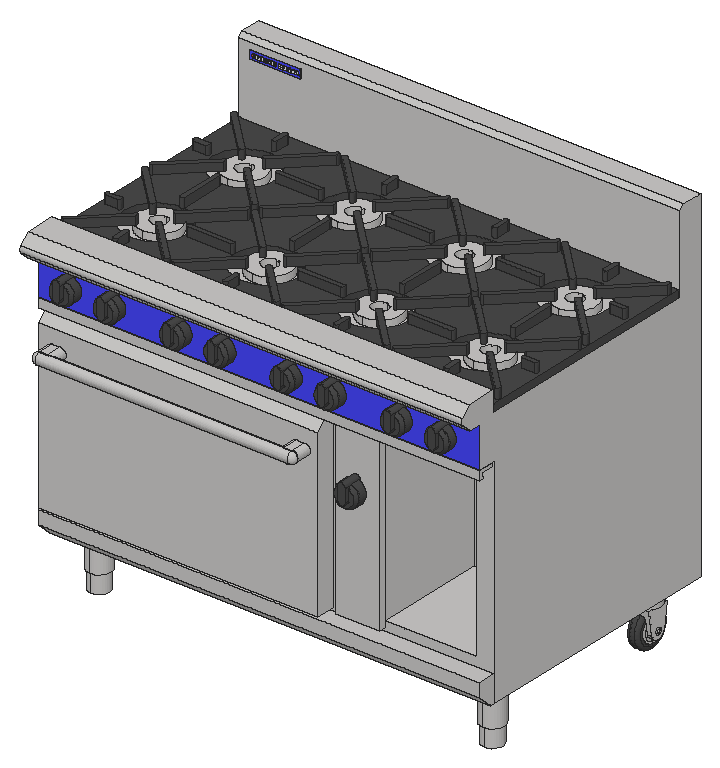
Revit family "QF_MOFFAT_BLUESEAL_CE_GE58D", category Specialty Equipment, Revit 2012
Parameters
  Width = 1200 mm
  Weight in Pounds = 485
  Watts = 6600 W
  Volts = 400 V
  URL Cutsheet = "www.moffat.com"
  URL = "www.moffat.com"
  Type Mark [instance] = ""
  Status [instance] = ""
  Specification by User [instance] = ""
  Specification by Manufacturer = ""
  Show Logo [instance] = yes
  Show Clearance [instance] = yes
  Show Casters [instance] = yes
  Serial Number = ""
  Seismic Rating = ""
  SMACNA No = ""
  Revision Code [instance] = ""
  Phase = 3
  Omniclass Number and Title = ""
  Number of Poles [instance] = 1
  NAFEM Spec ID Number = ""
  Model = "GE58D"
  Min Ckt Ampacity = 0 A
  Mechanical Remarks = ""
  Mechanical Connection Type [instance] = ""
  Max Overcurrent Protection = 0 A
  Masterspec = ""
  Manufacturer = "MOFFAT BLUESEAL"
  Legs [instance] = not(Show Casters)  # no
  Item Number [instance] = ""
  Installed By [instance] = ""
  Identify Quantity as Lot [instance] = yes
  Height = 970 mm
  HP = ""
  Gas Size = 3/4"
  Gas RI Height [instance] = 0 mm
  Gas KW [instance] = 56
  Gas Input [instance] = 192500.0 Btu/h
  Gas Connection Height = 0 mm
  Furnished By [instance] = ""
  Foodservice Equipment Identifier [instance] = yes
  FL Amps = 9.4 A
  Electrical Remarks = "9.4A PER PHASE"
  Electric Connection Type = ""
  Elec Conn RI Height = 0 mm
  Elec Conn Connection Height = 0 mm
  Description = "1200MM GAS RANGE WITH ELECTRIC CONVECTION OVEN"
  Depth = 812 mm
  Cycle = 50 Hz
  Conn Plug = ""
  Conn Conduit = yes
  CSI MasterFormat = ""
  CSI Master Format = ""
  Body Finish = QF_Finishes_Stainless Steel
  Apparent Power = 0 VA
Reference planes
  plane 1 "BACK": y = 0
  plane 2: z = 0
  plane 3 "LEFT": x = 0
  plane 4 "RIGHT": x = 1200
  plane 5 "FRONT": y = -812
  plane 6 "TOP": z = 970
  plane 7 "Center Y": x = 600
  plane 8 "Center X": y = -406
  plane 9: x = 280
  plane 10: y = -574.272
  plane 11: x = 60
  plane 12: y = -304.972
  plane 13: y = -364.972
  plane 14: x = 74
  plane 15: y = -812
  plane 16: x = 1134.5
  plane 17: y = -32
  plane 18: z = 655
  plane 19: x = 65.5
  plane 20: x = 65.8
  plane 21: z = 1085
  plane 22: y = -705
  plane 23: y = -100
Forms (mm)
  Extrusion 1, solid, material "QF_Finishes_Stainless Steel" <- "Body Finish"
    sketch origin (0, 0, 0) x (0, 1, 0) y (0, 0, 1)
      loop
        line (0, 150) -> (0, 1085) -> (-57.5, 1085) -> (-70, 1072.5) -> (-70, 861.8) -> (-705, 861.8) -> (-705, 915) -> (-783.97, 915) -> (-808.49, 890.48)
        arc (-808.49, 890.48) -> (-812.002, 882) -> (-808.49, 873.52) r 11.993
        line (-808.49, 873.52) -> (-784.97, 850) -> (-749, 850) -> (-749, 740) -> (-699, 740) -> (-699, 150) -> (0, 150)
      loop
        line (-749, 222.5) -> (-749, 186) -> (-713, 150) -> (-703.2, 150) -> (-703.2, 222.5) -> (-749, 222.5)
      loop
        line (-749, 713.781) -> (-740.224, 713.781) -> (-742.613, 730.781) -> (-707.93, 730.781) -> (-707.93, 737.784) -> (-749, 737.784) -> (-749, 713.781)
    from 0 to 1200
  Extrusion 2, solid, material "QF_Finishes_Stainless Steel"
    sketch origin (0, 7, 0) x (0, 1, 0) y (0, 0, 1)
      loop
        line (-706, 700) -> (-732, 700) -> (-756, 676) -> (-756, 227.5) -> (-706, 227.5) -> (-706, 700)
    from 0 to 760
  Extrusion 3, solid, material "QF_Finishes_Stainless Steel"
    sketch origin (723.5, 7, 0) x (0, 1, 0) y (0, 0, 1)
      loop
        line (-706, 700) -> (-721, 700) -> (-721, 227.5) -> (-706, 227.5) -> (-706, 700)
    from 56.898 to 176.5
  Revolve 4, solid, material "QF_Finishes_Stainless Steel" <- "Body Finish"
    sketch origin (1134.5, -696.126, 0) x (0, 1, 0) y (0, 0, -1)
      loop
        line (39.376, -150) -> (71.126, -150) -> (71.126, 0) -> (43.626, 0) -> (43.626, -50) -> (39.376, -50) -> (39.376, -150)
      axis (71.126, -150) -> (71.126, 0)
    angle from 0 to 360
  Revolve 5, solid, material "QF_Finishes_Stainless Steel" <- "Body Finish"
    sketch origin (65.5, -696.126, 0) x (0, 1, 0) y (0, 0, 1)
      loop
        line (39.376, 150) -> (39.376, 50) -> (43.626, 50) -> (43.626, 0) -> (71.126, 0) -> (71.126, 150) -> (39.376, 150)
      axis (71.126, 150) -> (71.126, 0)
    angle from 0 to 360
  Extrusion 6, solid, material "QF_Finishes_Stainless Steel"
    sketch origin (-64.5, 0, 325) x (1, 0, 0) y (0, 1, 0)
      loop
        circle (1134.5, -32) r 10
    from 330 to 374.856
  Extrusion 7, void
    sketch origin (0, -699, 150) x (0, 0, -1) y (-1, 0, 0)
      loop
        line (-529.781, -900) -> (-529.781, -1150) -> (-96, -1150) -> (-96, -900) -> (-529.781, -900)
    from 0 to 304.8
  Extrusion 8, solid, material "QF_Finishes_Black"
    sketch origin (0, -70, 861.8) x (0, -1, 0) y (1, 0, 0)
      loop
        arc (1, 4) -> (1.879, 1.879) -> (4, 1) r 3
        line (4, 1) -> (632, 1)
        arc (632, 1) -> (634.121, 1.879) -> (635, 4) r 3
        line (635, 4) -> (635, 1197)
        arc (635, 1197) -> (634.121, 1199.121) -> (632, 1200) r 3
        line (632, 1200) -> (4, 1200)
        arc (4, 1200) -> (1.879, 1199.121) -> (1, 1197) r 3
        line (1, 1197) -> (1, 4)
      loop
        circle (167.5, 150) r 85
      loop
        circle (167.5, 450) r 85
      loop
        circle (467.768, 150) r 85
      loop
        circle (467.768, 450) r 85
      loop
        circle (167.5, 750) r 85
      loop
        circle (467.768, 750) r 85
      loop
        circle (167.5, 1050) r 85
      loop
        circle (467.768, 1050) r 85
    from 0 to 19.5
  Extrusion 9, solid, material "QF_Finishes_Black"
    sketch origin (0, -70, 881.3) x (0, -1, 0) y (1, 0, 0)
      loop
        spline (327.102, 15.153) -> (326.181, 13.924) -> (325.631, 12.47) -> (325.49, 10.89) -> (325.767, 9.292) -> (326.443, 7.786) -> (327.473, 6.473) -> (328.786, 5.443) -> (330.292, 4.767) -> (331.89, 4.49) -> (333.47, 4.631) -> (334.924, 5.181) -> (336.153, 6.102)
        line (336.153, 6.102) -> (444.076, 114.025)
        spline (444.076, 114.025) -> (444.837, 115.095) -> (445.238, 116.399) -> (445.251, 117.851) -> (444.875, 119.35) -> (444.137, 120.795) -> (443.086, 122.086) -> (441.795, 123.137) -> (440.35, 123.875) -> (438.851, 124.251) -> (437.399, 124.238) -> (436.095, 123.837) -> (435.025, 123.076)
        line (435.025, 123.076) -> (327.102, 15.153)
      loop
        line (611.398, 15.153) -> (503.475, 123.076)
        spline (503.475, 123.076) -> (502.405, 123.837) -> (501.101, 124.238) -> (499.649, 124.251) -> (498.15, 123.875) -> (496.705, 123.137) -> (495.414, 122.086) -> (494.363, 120.795) -> (493.625, 119.35) -> (493.249, 117.851) -> (493.262, 116.399) -> (493.663, 115.095) -> (494.424, 114.025)
        line (494.424, 114.025) -> (602.347, 6.102)
        spline (602.347, 6.102) -> (603.416, 5.341) -> (604.721, 4.941) -> (606.172, 4.928) -> (607.671, 5.303) -> (609.116, 6.041) -> (610.408, 7.092) -> (611.459, 8.384) -> (612.197, 9.829) -> (612.572, 11.328) -> (612.559, 12.779) -> (612.159, 14.084) -> (611.398, 15.153)
      loop
        spline (379.102, 143.6) -> (380.396, 143.818) -> (381.602, 144.457) -> (382.638, 145.475) -> (383.432, 146.8) -> (383.932, 148.344) -> (384.102, 150) -> (383.932, 151.656) -> (383.432, 153.2) -> (382.638, 154.525) -> (381.602, 155.543) -> (380.396, 156.182) -> (379.102, 156.4)
        line (379.102, 156.4) -> (259.398, 156.4)
        spline (259.398, 156.4) -> (258.104, 156.182) -> (256.898, 155.543) -> (255.862, 154.525) -> (255.068, 153.2) -> (254.568, 151.656) -> (254.398, 150) -> (254.568, 148.344) -> (255.068, 146.8) -> (255.862, 145.475) -> (256.898, 144.457) -> (258.104, 143.818) -> (259.398, 143.6)
        line (259.398, 143.6) -> (379.102, 143.6)
      loop
        spline (23.602, 15.153) -> (22.681, 13.924) -> (22.131, 12.47) -> (21.99, 10.89) -> (22.267, 9.292) -> (22.943, 7.786) -> (23.973, 6.473) -> (25.286, 5.443) -> (26.792, 4.767) -> (28.39, 4.49) -> (29.97, 4.631) -> (31.424, 5.181) -> (32.653, 6.102)
        line (32.653, 6.102) -> (140.576, 114.025)
        spline (140.576, 114.025) -> (141.337, 115.095) -> (141.738, 116.399) -> (141.751, 117.851) -> (141.375, 119.35) -> (140.637, 120.795) -> (139.586, 122.086) -> (138.295, 123.137) -> (136.85, 123.875) -> (135.351, 124.251) -> (133.899, 124.238) -> (132.595, 123.837) -> (131.525, 123.076)
        line (131.525, 123.076) -> (23.602, 15.153)
      loop
        line (311.398, 15.153) -> (203.475, 123.076)
        spline (203.475, 123.076) -> (202.405, 123.837) -> (201.101, 124.238) -> (199.649, 124.251) -> (198.15, 123.875) -> (196.705, 123.137) -> (195.414, 122.086) -> (194.363, 120.795) -> (193.625, 119.35) -> (193.249, 117.851) -> (193.262, 116.399) -> (193.663, 115.095) -> (194.424, 114.025)
        line (194.424, 114.025) -> (302.347, 6.102)
        spline (302.347, 6.102) -> (303.416, 5.341) -> (304.721, 4.941) -> (306.172, 4.928) -> (307.671, 5.303) -> (309.116, 6.041) -> (310.408, 7.092) -> (311.459, 8.384) -> (312.197, 9.829) -> (312.572, 11.328) -> (312.559, 12.779) -> (312.159, 14.084) -> (311.398, 15.153)
      loop
        line (327.102, 284.847) -> (435.025, 176.924)
        spline (435.025, 176.924) -> (436.095, 176.163) -> (437.399, 175.762) -> (438.851, 175.749) -> (440.35, 176.125) -> (441.795, 176.863) -> (443.086, 177.914) -> (444.137, 179.205) -> (444.875, 180.65) -> (445.251, 182.149) -> (445.238, 183.601) -> (444.837, 184.905) -> (444.076, 185.975)
        line (444.076, 185.975) -> (336.153, 293.898)
        spline (336.153, 293.898) -> (334.924, 294.819) -> (333.47, 295.369) -> (331.89, 295.51) -> (330.292, 295.233) -> (328.786, 294.557) -> (327.473, 293.527) -> (326.443, 292.214) -> (325.767, 290.708) -> (325.49, 289.11) -> (325.631, 287.53) -> (326.181, 286.076) -> (327.102, 284.847)
      loop
        spline (611.398, 284.847) -> (612.159, 285.916) -> (612.559, 287.221) -> (612.572, 288.672) -> (612.197, 290.171) -> (611.459, 291.616) -> (610.408, 292.908) -> (609.116, 293.959) -> (607.671, 294.697) -> (606.172, 295.072) -> (604.721, 295.059) -> (603.416, 294.659) -> (602.347, 293.898)
        line (602.347, 293.898) -> (494.424, 185.975)
        spline (494.424, 185.975) -> (493.663, 184.905) -> (493.262, 183.601) -> (493.249, 182.149) -> (493.625, 180.65) -> (494.363, 179.205) -> (495.414, 177.914) -> (496.705, 176.863) -> (498.15, 176.125) -> (499.649, 175.749) -> (501.101, 175.762) -> (502.405, 176.163) -> (503.475, 176.924)
        line (503.475, 176.924) -> (611.398, 284.847)
      loop
        spline (461.1, 241.898) -> (461.318, 240.604) -> (461.957, 239.398) -> (462.975, 238.362) -> (464.3, 237.568) -> (465.844, 237.068) -> (467.5, 236.898) -> (469.156, 237.068) -> (470.7, 237.568) -> (472.025, 238.362) -> (473.043, 239.398) -> (473.682, 240.604) -> (473.9, 241.898)
        line (473.9, 241.898) -> (473.9, 358.102)
        spline (473.9, 358.102) -> (473.682, 359.396) -> (473.043, 360.602) -> (472.025, 361.638) -> (470.7, 362.432) -> (469.156, 362.932) -> (467.5, 363.102) -> (465.844, 362.932) -> (464.3, 362.432) -> (462.975, 361.638) -> (461.957, 360.602) -> (461.318, 359.396) -> (461.1, 358.102)
        line (461.1, 358.102) -> (461.1, 241.898)
      loop
        line (23.602, 284.847) -> (131.525, 176.924)
        spline (131.525, 176.924) -> (132.595, 176.163) -> (133.899, 175.762) -> (135.351, 175.749) -> (136.85, 176.125) -> (138.295, 176.863) -> (139.586, 177.914) -> (140.637, 179.205) -> (141.375, 180.65) -> (141.751, 182.149) -> (141.738, 183.601) -> (141.337, 184.905) -> (140.576, 185.975)
        line (140.576, 185.975) -> (32.653, 293.898)
        spline (32.653, 293.898) -> (31.424, 294.819) -> (29.97, 295.369) -> (28.39, 295.51) -> (26.792, 295.233) -> (25.286, 294.557) -> (23.973, 293.527) -> (22.943, 292.214) -> (22.267, 290.708) -> (21.99, 289.11) -> (22.131, 287.53) -> (22.681, 286.076) -> (23.602, 284.847)
      loop
        spline (311.398, 284.847) -> (312.159, 285.916) -> (312.559, 287.221) -> (312.572, 288.672) -> (312.197, 290.171) -> (311.459, 291.616) -> (310.408, 292.908) -> (309.116, 293.959) -> (307.671, 294.697) -> (306.172, 295.072) -> (304.721, 295.059) -> (303.416, 294.659) -> (302.347, 293.898)
        line (302.347, 293.898) -> (194.424, 185.975)
        spline (194.424, 185.975) -> (193.663, 184.905) -> (193.262, 183.601) -> (193.249, 182.149) -> (193.625, 180.65) -> (194.363, 179.205) -> (195.414, 177.914) -> (196.705, 176.863) -> (198.15, 176.125) -> (199.649, 175.749) -> (201.101, 175.762) -> (202.405, 176.163) -> (203.475, 176.924)
        line (203.475, 176.924) -> (311.398, 284.847)
      loop
        spline (161.1, 241.898) -> (161.318, 240.604) -> (161.957, 239.398) -> (162.975, 238.362) -> (164.3, 237.568) -> (165.844, 237.068) -> (167.5, 236.898) -> (169.156, 237.068) -> (170.7, 237.568) -> (172.025, 238.362) -> (173.043, 239.398) -> (173.682, 240.604) -> (173.9, 241.898)
        line (173.9, 241.898) -> (173.9, 358.102)
        spline (173.9, 358.102) -> (173.682, 359.396) -> (173.043, 360.602) -> (172.025, 361.638) -> (170.7, 362.432) -> (169.156, 362.932) -> (167.5, 363.102) -> (165.844, 362.932) -> (164.3, 362.432) -> (162.975, 361.638) -> (161.957, 360.602) -> (161.318, 359.396) -> (161.1, 358.102)
        line (161.1, 358.102) -> (161.1, 241.898)
      loop
        line (379.102, 456.4) -> (259.398, 456.4)
        spline (259.398, 456.4) -> (258.104, 456.182) -> (256.898, 455.543) -> (255.862, 454.525) -> (255.068, 453.2) -> (254.568, 451.656) -> (254.398, 450) -> (254.568, 448.344) -> (255.068, 446.8) -> (255.862, 445.475) -> (256.898, 444.457) -> (258.104, 443.818) -> (259.398, 443.6)
        line (259.398, 443.6) -> (379.102, 443.6)
        spline (379.102, 443.6) -> (380.396, 443.818) -> (381.602, 444.457) -> (382.638, 445.475) -> (383.432, 446.8) -> (383.932, 448.344) -> (384.102, 450) -> (383.932, 451.656) -> (383.432, 453.2) -> (382.638, 454.525) -> (381.602, 455.543) -> (380.396, 456.182) -> (379.102, 456.4)
      loop
        spline (327.102, 315.153) -> (326.181, 313.924) -> (325.631, 312.47) -> (325.49, 310.89) -> (325.767, 309.292) -> (326.443, 307.786) -> (327.473, 306.473) -> (328.786, 305.443) -> (330.292, 304.767) -> (331.89, 304.49) -> (333.47, 304.631) -> (334.924, 305.181) -> (336.153, 306.102)
        line (336.153, 306.102) -> (444.076, 414.025)
        spline (444.076, 414.025) -> (444.837, 415.095) -> (445.238, 416.399) -> (445.251, 417.851) -> (444.875, 419.35) -> (444.137, 420.795) -> (443.086, 422.086) -> (441.795, 423.137) -> (440.35, 423.875) -> (438.851, 424.251) -> (437.399, 424.238) -> (436.095, 423.837) -> (435.025, 423.076)
        line (435.025, 423.076) -> (327.102, 315.153)
      loop
        line (611.398, 315.153) -> (503.475, 423.076)
        spline (503.475, 423.076) -> (502.405, 423.837) -> (501.101, 424.238) -> (499.649, 424.251) -> (498.15, 423.875) -> (496.705, 423.137) -> (495.414, 422.086) -> (494.363, 420.795) -> (493.625, 419.35) -> (493.249, 417.851) -> (493.262, 416.399) -> (493.663, 415.095) -> (494.424, 414.025)
        line (494.424, 414.025) -> (602.347, 306.102)
        spline (602.347, 306.102) -> (603.416, 305.341) -> (604.721, 304.941) -> (606.172, 304.928) -> (607.671, 305.303) -> (609.116, 306.041) -> (610.408, 307.092) -> (611.459, 308.384) -> (612.197, 309.829) -> (612.572, 311.328) -> (612.559, 312.779) -> (612.159, 314.084) -> (611.398, 315.153)
      loop
        spline (23.602, 315.153) -> (22.681, 313.924) -> (22.131, 312.47) -> (21.99, 310.89) -> (22.267, 309.292) -> (22.943, 307.786) -> (23.973, 306.473) -> (25.286, 305.443) -> (26.792, 304.767) -> (28.39, 304.49) -> (29.97, 304.631) -> (31.424, 305.181) -> (32.653, 306.102)
        line (32.653, 306.102) -> (140.576, 414.025)
        spline (140.576, 414.025) -> (141.337, 415.095) -> (141.738, 416.399) -> (141.751, 417.851) -> (141.375, 419.35) -> (140.637, 420.795) -> (139.586, 422.086) -> (138.295, 423.137) -> (136.85, 423.875) -> (135.351, 424.251) -> (133.899, 424.238) -> (132.595, 423.837) -> (131.525, 423.076)
        line (131.525, 423.076) -> (23.602, 315.153)
      loop
        line (311.398, 315.153) -> (203.475, 423.076)
        spline (203.475, 423.076) -> (202.405, 423.837) -> (201.101, 424.238) -> (199.649, 424.251) -> (198.15, 423.875) -> (196.705, 423.137) -> (195.414, 422.086) -> (194.363, 420.795) -> (193.625, 419.35) -> (193.249, 417.851) -> (193.262, 416.399) -> (193.663, 415.095) -> (194.424, 414.025)
        line (194.424, 414.025) -> (302.347, 306.102)
        spline (302.347, 306.102) -> (303.416, 305.341) -> (304.721, 304.941) -> (306.172, 304.928) -> (307.671, 305.303) -> (309.116, 306.041) -> (310.408, 307.092) -> (311.459, 308.384) -> (312.197, 309.829) -> (312.572, 311.328) -> (312.559, 312.779) -> (312.159, 314.084) -> (311.398, 315.153)
      loop
        line (327.102, 584.847) -> (435.025, 476.924)
        spline (435.025, 476.924) -> (436.095, 476.163) -> (437.399, 475.762) -> (438.851, 475.749) -> (440.35, 476.125) -> (441.795, 476.863) -> (443.086, 477.914) -> (444.137, 479.205) -> (444.875, 480.65) -> (445.251, 482.149) -> (445.238, 483.601) -> (444.837, 484.905) -> (444.076, 485.975)
        line (444.076, 485.975) -> (336.153, 593.898)
        spline (336.153, 593.898) -> (334.924, 594.819) -> (333.47, 595.369) -> (331.89, 595.51) -> (330.292, 595.233) -> (328.786, 594.557) -> (327.473, 593.527) -> (326.443, 592.214) -> (325.767, 590.708) -> (325.49, 589.11) -> (325.631, 587.53) -> (326.181, 586.076) -> (327.102, 584.847)
      loop
        spline (611.398, 584.847) -> (612.159, 585.916) -> (612.559, 587.221) -> (612.572, 588.672) -> (612.197, 590.171) -> (611.459, 591.616) -> (610.408, 592.908) -> (609.116, 593.959) -> (607.671, 594.697) -> (606.172, 595.072) -> (604.721, 595.059) -> (603.416, 594.659) -> (602.347, 593.898)
        line (602.347, 593.898) -> (494.424, 485.975)
        spline (494.424, 485.975) -> (493.663, 484.905) -> (493.262, 483.601) -> (493.249, 482.149) -> (493.625, 480.65) -> (494.363, 479.205) -> (495.414, 477.914) -> (496.705, 476.863) -> (498.15, 476.125) -> (499.649, 475.749) -> (501.101, 475.762) -> (502.405, 476.163) -> (503.475, 476.924)
        line (503.475, 476.924) -> (611.398, 584.847)
      loop
        line (23.602, 584.847) -> (131.525, 476.924)
        spline (131.525, 476.924) -> (132.595, 476.163) -> (133.899, 475.762) -> (135.351, 475.749) -> (136.85, 476.125) -> (138.295, 476.863) -> (139.586, 477.914) -> (140.637, 479.205) -> (141.375, 480.65) -> (141.751, 482.149) -> (141.738, 483.601) -> (141.337, 484.905) -> (140.576, 485.975)
        line (140.576, 485.975) -> (32.653, 593.898)
        spline (32.653, 593.898) -> (31.424, 594.819) -> (29.97, 595.369) -> (28.39, 595.51) -> (26.792, 595.233) -> (25.286, 594.557) -> (23.973, 593.527) -> (22.943, 592.214) -> (22.267, 590.708) -> (21.99, 589.11) -> (22.131, 587.53) -> (22.681, 586.076) -> (23.602, 584.847)
      loop
        spline (311.398, 584.847) -> (312.159, 585.916) -> (312.559, 587.221) -> (312.572, 588.672) -> (312.197, 590.171) -> (311.459, 591.616) -> (310.408, 592.908) -> (309.116, 593.959) -> (307.671, 594.697) -> (306.172, 595.072) -> (304.721, 595.059) -> (303.416, 594.659) -> (302.347, 593.898)
        line (302.347, 593.898) -> (194.424, 485.975)
        spline (194.424, 485.975) -> (193.663, 484.905) -> (193.262, 483.601) -> (193.249, 482.149) -> (193.625, 480.65) -> (194.363, 479.205) -> (195.414, 477.914) -> (196.705, 476.863) -> (198.15, 476.125) -> (199.649, 475.749) -> (201.101, 475.762) -> (202.405, 476.163) -> (203.475, 476.924)
        line (203.475, 476.924) -> (311.398, 584.847)
      loop
        spline (461.1, 541.898) -> (461.318, 540.604) -> (461.957, 539.398) -> (462.975, 538.362) -> (464.3, 537.568) -> (465.844, 537.068) -> (467.5, 536.898) -> (469.156, 537.068) -> (470.7, 537.568) -> (472.025, 538.362) -> (473.043, 539.398) -> (473.682, 540.604) -> (473.9, 541.898)
        line (473.9, 541.898) -> (473.9, 658.102)
        spline (473.9, 658.102) -> (473.682, 659.396) -> (473.043, 660.602) -> (472.025, 661.638) -> (470.7, 662.432) -> (469.156, 662.932) -> (467.5, 663.102) -> (465.844, 662.932) -> (464.3, 662.432) -> (462.975, 661.638) -> (461.957, 660.602) -> (461.318, 659.396) -> (461.1, 658.102)
        line (461.1, 658.102) -> (461.1, 541.898)
      loop
        spline (161.1, 541.898) -> (161.318, 540.604) -> (161.957, 539.398) -> (162.975, 538.362) -> (164.3, 537.568) -> (165.844, 537.068) -> (167.5, 536.898) -> (169.156, 537.068) -> (170.7, 537.568) -> (172.025, 538.362) -> (173.043, 539.398) -> (173.682, 540.604) -> (173.9, 541.898)
        line (173.9, 541.898) -> (173.9, 658.102)
        spline (173.9, 658.102) -> (173.682, 659.396) -> (173.043, 660.602) -> (172.025, 661.638) -> (170.7, 662.432) -> (169.156, 662.932) -> (167.5, 663.102) -> (165.844, 662.932) -> (164.3, 662.432) -> (162.975, 661.638) -> (161.957, 660.602) -> (161.318, 659.396) -> (161.1, 658.102)
        line (161.1, 658.102) -> (161.1, 541.898)
      loop
        line (379.102, 756.4) -> (259.398, 756.4)
        spline (259.398, 756.4) -> (258.104, 756.182) -> (256.898, 755.543) -> (255.862, 754.525) -> (255.068, 753.2) -> (254.568, 751.656) -> (254.398, 750) -> (254.568, 748.344) -> (255.068, 746.8) -> (255.862, 745.475) -> (256.898, 744.457) -> (258.104, 743.818) -> (259.398, 743.6)
        line (259.398, 743.6) -> (379.102, 743.6)
        spline (379.102, 743.6) -> (380.396, 743.818) -> (381.602, 744.457) -> (382.638, 745.475) -> (383.432, 746.8) -> (383.932, 748.344) -> (384.102, 750) -> (383.932, 751.656) -> (383.432, 753.2) -> (382.638, 754.525) -> (381.602, 755.543) -> (380.396, 756.182) -> (379.102, 756.4)
      loop
        spline (327.102, 615.153) -> (326.181, 613.924) -> (325.631, 612.47) -> (325.49, 610.89) -> (325.767, 609.292) -> (326.443, 607.786) -> (327.473, 606.473) -> (328.786, 605.443) -> (330.292, 604.767) -> (331.89, 604.49) -> (333.47, 604.631) -> (334.924, 605.181) -> (336.153, 606.102)
        line (336.153, 606.102) -> (444.076, 714.025)
        spline (444.076, 714.025) -> (444.837, 715.095) -> (445.238, 716.399) -> (445.251, 717.851) -> (444.875, 719.35) -> (444.137, 720.795) -> (443.086, 722.086) -> (441.795, 723.137) -> (440.35, 723.875) -> (438.851, 724.251) -> (437.399, 724.238) -> (436.095, 723.837) -> (435.025, 723.076)
        line (435.025, 723.076) -> (327.102, 615.153)
      loop
        line (611.398, 615.153) -> (503.475, 723.076)
        spline (503.475, 723.076) -> (502.405, 723.837) -> (501.101, 724.238) -> (499.649, 724.251) -> (498.15, 723.875) -> (496.705, 723.137) -> (495.414, 722.086) -> (494.363, 720.795) -> (493.625, 719.35) -> (493.249, 717.851) -> (493.262, 716.399) -> (493.663, 715.095) -> (494.424, 714.025)
        line (494.424, 714.025) -> (602.347, 606.102)
        spline (602.347, 606.102) -> (603.416, 605.341) -> (604.721, 604.941) -> (606.172, 604.928) -> (607.671, 605.303) -> (609.116, 606.041) -> (610.408, 607.092) -> (611.459, 608.384) -> (612.197, 609.829) -> (612.572, 611.328) -> (612.559, 612.779) -> (612.159, 614.084) -> (611.398, 615.153)
      loop
        spline (23.602, 615.153) -> (22.681, 613.924) -> (22.131, 612.47) -> (21.99, 610.89) -> (22.267, 609.292) -> (22.943, 607.786) -> (23.973, 606.473) -> (25.286, 605.443) -> (26.792, 604.767) -> (28.39, 604.49) -> (29.97, 604.631) -> (31.424, 605.181) -> (32.653, 606.102)
        line (32.653, 606.102) -> (140.576, 714.025)
        spline (140.576, 714.025) -> (141.337, 715.095) -> (141.738, 716.399) -> (141.751, 717.851) -> (141.375, 719.35) -> (140.637, 720.795) -> (139.586, 722.086) -> (138.295, 723.137) -> (136.85, 723.875) -> (135.351, 724.251) -> (133.899, 724.238) -> (132.595, 723.837) -> (131.525, 723.076)
        line (131.525, 723.076) -> (23.602, 615.153)
      loop
        line (311.398, 615.153) -> (203.475, 723.076)
        spline (203.475, 723.076) -> (202.405, 723.837) -> (201.101, 724.238) -> (199.649, 724.251) -> (198.15, 723.875) -> (196.705, 723.137) -> (195.414, 722.086) -> (194.363, 720.795) -> (193.625, 719.35) -> (193.249, 717.851) -> (193.262, 716.399) -> (193.663, 715.095) -> (194.424, 714.025)
        line (194.424, 714.025) -> (302.347, 606.102)
        spline (302.347, 606.102) -> (303.416, 605.341) -> (304.721, 604.941) -> (306.172, 604.928) -> (307.671, 605.303) -> (309.116, 606.041) -> (310.408, 607.092) -> (311.459, 608.384) -> (312.197, 609.829) -> (312.572, 611.328) -> (312.559, 612.779) -> (312.159, 614.084) -> (311.398, 615.153)
      loop
        line (327.102, 884.847) -> (435.025, 776.924)
        spline (435.025, 776.924) -> (436.095, 776.163) -> (437.399, 775.762) -> (438.851, 775.749) -> (440.35, 776.125) -> (441.795, 776.863) -> (443.086, 777.914) -> (444.137, 779.205) -> (444.875, 780.65) -> (445.251, 782.149) -> (445.238, 783.601) -> (444.837, 784.905) -> (444.076, 785.975)
        line (444.076, 785.975) -> (336.153, 893.898)
        spline (336.153, 893.898) -> (334.924, 894.819) -> (333.47, 895.369) -> (331.89, 895.51) -> (330.292, 895.233) -> (328.786, 894.557) -> (327.473, 893.527) -> (326.443, 892.214) -> (325.767, 890.708) -> (325.49, 889.11) -> (325.631, 887.53) -> (326.181, 886.076) -> (327.102, 884.847)
      loop
        spline (611.398, 884.847) -> (612.159, 885.916) -> (612.559, 887.221) -> (612.572, 888.672) -> (612.197, 890.171) -> (611.459, 891.616) -> (610.408, 892.908) -> (609.116, 893.959) -> (607.671, 894.697) -> (606.172, 895.072) -> (604.721, 895.059) -> (603.416, 894.659) -> (602.347, 893.898)
        line (602.347, 893.898) -> (494.424, 785.975)
        spline (494.424, 785.975) -> (493.663, 784.905) -> (493.262, 783.601) -> (493.249, 782.149) -> (493.625, 780.65) -> (494.363, 779.205) -> (495.414, 777.914) -> (496.705, 776.863) -> (498.15, 776.125) -> (499.649, 775.749) -> (501.101, 775.762) -> (502.405, 776.163) -> (503.475, 776.924)
        line (503.475, 776.924) -> (611.398, 884.847)
      loop
        line (23.602, 884.847) -> (131.525, 776.924)
        spline (131.525, 776.924) -> (132.595, 776.163) -> (133.899, 775.762) -> (135.351, 775.749) -> (136.85, 776.125) -> (138.295, 776.863) -> (139.586, 777.914) -> (140.637, 779.205) -> (141.375, 780.65) -> (141.751, 782.149) -> (141.738, 783.601) -> (141.337, 784.905) -> (140.576, 785.975)
        line (140.576, 785.975) -> (32.653, 893.898)
        spline (32.653, 893.898) -> (31.424, 894.819) -> (29.97, 895.369) -> (28.39, 895.51) -> (26.792, 895.233) -> (25.286, 894.557) -> (23.973, 893.527) -> (22.943, 892.214) -> (22.267, 890.708) -> (21.99, 889.11) -> (22.131, 887.53) -> (22.681, 886.076) -> (23.602, 884.847)
      loop
        spline (311.398, 884.847) -> (312.159, 885.916) -> (312.559, 887.221) -> (312.572, 888.672) -> (312.197, 890.171) -> (311.459, 891.616) -> (310.408, 892.908) -> (309.116, 893.959) -> (307.671, 894.697) -> (306.172, 895.072) -> (304.721, 895.059) -> (303.416, 894.659) -> (302.347, 893.898)
        line (302.347, 893.898) -> (194.424, 785.975)
        spline (194.424, 785.975) -> (193.663, 784.905) -> (193.262, 783.601) -> (193.249, 782.149) -> (193.625, 780.65) -> (194.363, 779.205) -> (195.414, 777.914) -> (196.705, 776.863) -> (198.15, 776.125) -> (199.649, 775.749) -> (201.101, 775.762) -> (202.405, 776.163) -> (203.475, 776.924)
        line (203.475, 776.924) -> (311.398, 884.847)
      loop
        line (327.102, 1184.847) -> (435.025, 1076.924)
        spline (435.025, 1076.924) -> (436.095, 1076.163) -> (437.399, 1075.762) -> (438.851, 1075.749) -> (440.35, 1076.125) -> (441.795, 1076.863) -> (443.086, 1077.914) -> (444.137, 1079.205) -> (444.875, 1080.65) -> (445.251, 1082.149) -> (445.238, 1083.601) -> (444.837, 1084.905) -> (444.076, 1085.975)
        line (444.076, 1085.975) -> (336.153, 1193.898)
        spline (336.153, 1193.898) -> (334.924, 1194.819) -> (333.47, 1195.369) -> (331.89, 1195.51) -> (330.292, 1195.233) -> (328.786, 1194.557) -> (327.473, 1193.527) -> (326.443, 1192.214) -> (325.767, 1190.708) -> (325.49, 1189.11) -> (325.631, 1187.53) -> (326.181, 1186.076) -> (327.102, 1184.847)
      loop
        spline (611.398, 1184.847) -> (612.159, 1185.916) -> (612.559, 1187.221) -> (612.572, 1188.672) -> (612.197, 1190.171) -> (611.459, 1191.616) -> (610.408, 1192.908) -> (609.116, 1193.959) -> (607.671, 1194.697) -> (606.172, 1195.072) -> (604.721, 1195.059) -> (603.416, 1194.659) -> (602.347, 1193.898)
        line (602.347, 1193.898) -> (494.424, 1085.975)
        spline (494.424, 1085.975) -> (493.663, 1084.905) -> (493.262, 1083.601) -> (493.249, 1082.149) -> (493.625, 1080.65) -> (494.363, 1079.205) -> (495.414, 1077.914) -> (496.705, 1076.863) -> (498.15, 1076.125) -> (499.649, 1075.749) -> (501.101, 1075.762) -> (502.405, 1076.163) -> (503.475, 1076.924)
        line (503.475, 1076.924) -> (611.398, 1184.847)
      loop
        line (379.102, 1056.4) -> (259.398, 1056.4)
        spline (259.398, 1056.4) -> (258.104, 1056.182) -> (256.898, 1055.543) -> (255.862, 1054.525) -> (255.068, 1053.2) -> (254.568, 1051.656) -> (254.398, 1050) -> (254.568, 1048.344) -> (255.068, 1046.8) -> (255.862, 1045.475) -> (256.898, 1044.457) -> (258.104, 1043.818) -> (259.398, 1043.6)
        line (259.398, 1043.6) -> (379.102, 1043.6)
        spline (379.102, 1043.6) -> (380.396, 1043.818) -> (381.602, 1044.457) -> (382.638, 1045.475) -> (383.432, 1046.8) -> (383.932, 1048.344) -> (384.102, 1050) -> (383.932, 1051.656) -> (383.432, 1053.2) -> (382.638, 1054.525) -> (381.602, 1055.543) -> (380.396, 1056.182) -> (379.102, 1056.4)
      loop
        line (23.602, 1184.847) -> (131.525, 1076.924)
        spline (131.525, 1076.924) -> (132.595, 1076.163) -> (133.899, 1075.762) -> (135.351, 1075.749) -> (136.85, 1076.125) -> (138.295, 1076.863) -> (139.586, 1077.914) -> (140.637, 1079.205) -> (141.375, 1080.65) -> (141.751, 1082.149) -> (141.738, 1083.601) -> (141.337, 1084.905) -> (140.576, 1085.975)
        line (140.576, 1085.975) -> (32.653, 1193.898)
        spline (32.653, 1193.898) -> (31.424, 1194.819) -> (29.97, 1195.369) -> (28.39, 1195.51) -> (26.792, 1195.233) -> (25.286, 1194.557) -> (23.973, 1193.527) -> (22.943, 1192.214) -> (22.267, 1190.708) -> (21.99, 1189.11) -> (22.131, 1187.53) -> (22.681, 1186.076) -> (23.602, 1184.847)
      loop
        spline (311.398, 1184.847) -> (312.159, 1185.916) -> (312.559, 1187.221) -> (312.572, 1188.672) -> (312.197, 1190.171) -> (311.459, 1191.616) -> (310.408, 1192.908) -> (309.116, 1193.959) -> (307.671, 1194.697) -> (306.172, 1195.072) -> (304.721, 1195.059) -> (303.416, 1194.659) -> (302.347, 1193.898)
        line (302.347, 1193.898) -> (194.424, 1085.975)
        spline (194.424, 1085.975) -> (193.663, 1084.905) -> (193.262, 1083.601) -> (193.249, 1082.149) -> (193.625, 1080.65) -> (194.363, 1079.205) -> (195.414, 1077.914) -> (196.705, 1076.863) -> (198.15, 1076.125) -> (199.649, 1075.749) -> (201.101, 1075.762) -> (202.405, 1076.163) -> (203.475, 1076.924)
        line (203.475, 1076.924) -> (311.398, 1184.847)
      loop
        spline (327.102, 915.153) -> (326.181, 913.924) -> (325.631, 912.47) -> (325.49, 910.89) -> (325.767, 909.292) -> (326.443, 907.786) -> (327.473, 906.473) -> (328.786, 905.443) -> (330.292, 904.767) -> (331.89, 904.49) -> (333.47, 904.631) -> (334.924, 905.181) -> (336.153, 906.102)
        line (336.153, 906.102) -> (444.076, 1014.025)
        spline (444.076, 1014.025) -> (444.837, 1015.095) -> (445.238, 1016.399) -> (445.251, 1017.851) -> (444.875, 1019.35) -> (444.137, 1020.795) -> (443.086, 1022.086) -> (441.795, 1023.137) -> (440.35, 1023.875) -> (438.851, 1024.251) -> (437.399, 1024.238) -> (436.095, 1023.837) -> (435.025, 1023.076)
        line (435.025, 1023.076) -> (327.102, 915.153)
      loop
        line (611.398, 915.153) -> (503.475, 1023.076)
        spline (503.475, 1023.076) -> (502.405, 1023.837) -> (501.101, 1024.238) -> (499.649, 1024.251) -> (498.15, 1023.875) -> (496.705, 1023.137) -> (495.414, 1022.086) -> (494.363, 1020.795) -> (493.625, 1019.35) -> (493.249, 1017.851) -> (493.262, 1016.399) -> (493.663, 1015.095) -> (494.424, 1014.025)
        line (494.424, 1014.025) -> (602.347, 906.102)
        spline (602.347, 906.102) -> (603.416, 905.341) -> (604.721, 904.941) -> (606.172, 904.928) -> (607.671, 905.303) -> (609.116, 906.041) -> (610.408, 907.092) -> (611.459, 908.384) -> (612.197, 909.829) -> (612.572, 911.328) -> (612.559, 912.779) -> (612.159, 914.084) -> (611.398, 915.153)
      loop
        spline (23.602, 915.153) -> (22.681, 913.924) -> (22.131, 912.47) -> (21.99, 910.89) -> (22.267, 909.292) -> (22.943, 907.786) -> (23.973, 906.473) -> (25.286, 905.443) -> (26.792, 904.767) -> (28.39, 904.49) -> (29.97, 904.631) -> (31.424, 905.181) -> (32.653, 906.102)
        line (32.653, 906.102) -> (140.576, 1014.025)
        spline (140.576, 1014.025) -> (141.337, 1015.095) -> (141.738, 1016.399) -> (141.751, 1017.851) -> (141.375, 1019.35) -> (140.637, 1020.795) -> (139.586, 1022.086) -> (138.295, 1023.137) -> (136.85, 1023.875) -> (135.351, 1024.251) -> (133.899, 1024.238) -> (132.595, 1023.837) -> (131.525, 1023.076)
        line (131.525, 1023.076) -> (23.602, 915.153)
      loop
        line (311.398, 915.153) -> (203.475, 1023.076)
        spline (203.475, 1023.076) -> (202.405, 1023.837) -> (201.101, 1024.238) -> (199.649, 1024.251) -> (198.15, 1023.875) -> (196.705, 1023.137) -> (195.414, 1022.086) -> (194.363, 1020.795) -> (193.625, 1019.35) -> (193.249, 1017.851) -> (193.262, 1016.399) -> (193.663, 1015.095) -> (194.424, 1014.025)
        line (194.424, 1014.025) -> (302.347, 906.102)
        spline (302.347, 906.102) -> (303.416, 905.341) -> (304.721, 904.941) -> (306.172, 904.928) -> (307.671, 905.303) -> (309.116, 906.041) -> (310.408, 907.092) -> (311.459, 908.384) -> (312.197, 909.829) -> (312.572, 911.328) -> (312.559, 912.779) -> (312.159, 914.084) -> (311.398, 915.153)
      loop
        line (461.1, 958.102) -> (461.1, 841.898)
        spline (461.1, 841.898) -> (461.318, 840.604) -> (461.957, 839.398) -> (462.975, 838.362) -> (464.3, 837.568) -> (465.844, 837.068) -> (467.5, 836.898) -> (469.156, 837.068) -> (470.7, 837.568) -> (472.025, 838.362) -> (473.043, 839.398) -> (473.682, 840.604) -> (473.9, 841.898)
        line (473.9, 841.898) -> (473.9, 958.102)
        spline (473.9, 958.102) -> (473.682, 959.396) -> (473.043, 960.602) -> (472.025, 961.638) -> (470.7, 962.432) -> (469.156, 962.932) -> (467.5, 963.102) -> (465.844, 962.932) -> (464.3, 962.432) -> (462.975, 961.638) -> (461.957, 960.602) -> (461.318, 959.396) -> (461.1, 958.102)
      loop
        line (161.1, 958.102) -> (161.1, 841.898)
        spline (161.1, 841.898) -> (161.318, 840.604) -> (161.957, 839.398) -> (162.975, 838.362) -> (164.3, 837.568) -> (165.844, 837.068) -> (167.5, 836.898) -> (169.156, 837.068) -> (170.7, 837.568) -> (172.025, 838.362) -> (173.043, 839.398) -> (173.682, 840.604) -> (173.9, 841.898)
        line (173.9, 841.898) -> (173.9, 958.102)
        spline (173.9, 958.102) -> (173.682, 959.396) -> (173.043, 960.602) -> (172.025, 961.638) -> (170.7, 962.432) -> (169.156, 962.932) -> (167.5, 963.102) -> (165.844, 962.932) -> (164.3, 962.432) -> (162.975, 961.638) -> (161.957, 960.602) -> (161.318, 959.396) -> (161.1, 958.102)
      loop
        spline (65.602, 143.6) -> (66.896, 143.818) -> (68.102, 144.457) -> (69.138, 145.475) -> (69.932, 146.8) -> (70.432, 148.344) -> (70.602, 150) -> (70.432, 151.656) -> (69.932, 153.2) -> (69.138, 154.525) -> (68.102, 155.543) -> (66.896, 156.182) -> (65.602, 156.4)
        line (65.602, 156.4) -> (29.398, 156.4)
        spline (29.398, 156.4) -> (28.104, 156.182) -> (26.898, 155.543) -> (25.862, 154.525) -> (25.068, 153.2) -> (24.568, 151.656) -> (24.398, 150) -> (24.568, 148.344) -> (25.068, 146.8) -> (25.862, 145.475) -> (26.898, 144.457) -> (28.104, 143.818) -> (29.398, 143.6)
        line (29.398, 143.6) -> (65.602, 143.6)
      loop
        spline (65.602, 443.6) -> (66.896, 443.818) -> (68.102, 444.457) -> (69.138, 445.475) -> (69.932, 446.8) -> (70.432, 448.344) -> (70.602, 450) -> (70.432, 451.656) -> (69.932, 453.2) -> (69.138, 454.525) -> (68.102, 455.543) -> (66.896, 456.182) -> (65.602, 456.4)
        line (65.602, 456.4) -> (29.398, 456.4)
        spline (29.398, 456.4) -> (28.104, 456.182) -> (26.898, 455.543) -> (25.862, 454.525) -> (25.068, 453.2) -> (24.568, 451.656) -> (24.398, 450) -> (24.568, 448.344) -> (25.068, 446.8) -> (25.862, 445.475) -> (26.898, 444.457) -> (28.104, 443.818) -> (29.398, 443.6)
        line (29.398, 443.6) -> (65.602, 443.6)
      loop
        spline (65.602, 743.6) -> (66.896, 743.818) -> (68.102, 744.457) -> (69.138, 745.475) -> (69.932, 746.8) -> (70.432, 748.344) -> (70.602, 750) -> (70.432, 751.656) -> (69.932, 753.2) -> (69.138, 754.525) -> (68.102, 755.543) -> (66.896, 756.182) -> (65.602, 756.4)
        line (65.602, 756.4) -> (29.398, 756.4)
        spline (29.398, 756.4) -> (28.104, 756.182) -> (26.898, 755.543) -> (25.862, 754.525) -> (25.068, 753.2) -> (24.568, 751.656) -> (24.398, 750) -> (24.568, 748.344) -> (25.068, 746.8) -> (25.862, 745.475) -> (26.898, 744.457) -> (28.104, 743.818) -> (29.398, 743.6)
        line (29.398, 743.6) -> (65.602, 743.6)
      loop
        spline (65.602, 1043.6) -> (66.896, 1043.818) -> (68.102, 1044.457) -> (69.138, 1045.475) -> (69.932, 1046.8) -> (70.432, 1048.344) -> (70.602, 1050) -> (70.432, 1051.656) -> (69.932, 1053.2) -> (69.138, 1054.525) -> (68.102, 1055.543) -> (66.896, 1056.182) -> (65.602, 1056.4)
        line (65.602, 1056.4) -> (29.398, 1056.4)
        spline (29.398, 1056.4) -> (28.104, 1056.182) -> (26.898, 1055.543) -> (25.862, 1054.525) -> (25.068, 1053.2) -> (24.568, 1051.656) -> (24.398, 1050) -> (24.568, 1048.344) -> (25.068, 1046.8) -> (25.862, 1045.475) -> (26.898, 1044.457) -> (28.104, 1043.818) -> (29.398, 1043.6)
        line (29.398, 1043.6) -> (65.602, 1043.6)
      loop
        spline (605.602, 143.6) -> (606.896, 143.818) -> (608.102, 144.457) -> (609.138, 145.475) -> (609.932, 146.8) -> (610.432, 148.344) -> (610.602, 150) -> (610.432, 151.656) -> (609.932, 153.2) -> (609.138, 154.525) -> (608.102, 155.543) -> (606.896, 156.182) -> (605.602, 156.4)
        line (605.602, 156.4) -> (569.398, 156.4)
        spline (569.398, 156.4) -> (568.104, 156.182) -> (566.898, 155.543) -> (565.862, 154.525) -> (565.068, 153.2) -> (564.568, 151.656) -> (564.398, 150) -> (564.568, 148.344) -> (565.068, 146.8) -> (565.862, 145.475) -> (566.898, 144.457) -> (568.104, 143.818) -> (569.398, 143.6)
        line (569.398, 143.6) -> (605.602, 143.6)
      loop
        spline (605.602, 443.6) -> (606.896, 443.818) -> (608.102, 444.457) -> (609.138, 445.475) -> (609.932, 446.8) -> (610.432, 448.344) -> (610.602, 450) -> (610.432, 451.656) -> (609.932, 453.2) -> (609.138, 454.525) -> (608.102, 455.543) -> (606.896, 456.182) -> (605.602, 456.4)
        line (605.602, 456.4) -> (569.398, 456.4)
        spline (569.398, 456.4) -> (568.104, 456.182) -> (566.898, 455.543) -> (565.862, 454.525) -> (565.068, 453.2) -> (564.568, 451.656) -> (564.398, 450) -> (564.568, 448.344) -> (565.068, 446.8) -> (565.862, 445.475) -> (566.898, 444.457) -> (568.104, 443.818) -> (569.398, 443.6)
        line (569.398, 443.6) -> (605.602, 443.6)
      loop
        spline (605.602, 743.6) -> (606.896, 743.818) -> (608.102, 744.457) -> (609.138, 745.475) -> (609.932, 746.8) -> (610.432, 748.344) -> (610.602, 750) -> (610.432, 751.656) -> (609.932, 753.2) -> (609.138, 754.525) -> (608.102, 755.543) -> (606.896, 756.182) -> (605.602, 756.4)
        line (605.602, 756.4) -> (569.398, 756.4)
        spline (569.398, 756.4) -> (568.104, 756.182) -> (566.898, 755.543) -> (565.862, 754.525) -> (565.068, 753.2) -> (564.568, 751.656) -> (564.398, 750) -> (564.568, 748.344) -> (565.068, 746.8) -> (565.862, 745.475) -> (566.898, 744.457) -> (568.104, 743.818) -> (569.398, 743.6)
        line (569.398, 743.6) -> (605.602, 743.6)
      loop
        spline (605.602, 1043.6) -> (606.896, 1043.818) -> (608.102, 1044.457) -> (609.138, 1045.475) -> (609.932, 1046.8) -> (610.432, 1048.344) -> (610.602, 1050) -> (610.432, 1051.656) -> (609.932, 1053.2) -> (609.138, 1054.525) -> (608.102, 1055.543) -> (606.896, 1056.182) -> (605.602, 1056.4)
        line (605.602, 1056.4) -> (569.398, 1056.4)
        spline (569.398, 1056.4) -> (568.104, 1056.182) -> (566.898, 1055.543) -> (565.862, 1054.525) -> (565.068, 1053.2) -> (564.568, 1051.656) -> (564.398, 1050) -> (564.568, 1048.344) -> (565.068, 1046.8) -> (565.862, 1045.475) -> (566.898, 1044.457) -> (568.104, 1043.818) -> (569.398, 1043.6)
        line (569.398, 1043.6) -> (605.602, 1043.6)
      loop
        line (460.626, 1184.352) -> (460.626, 1150.359)
        spline (460.626, 1150.359) -> (460.844, 1149.065) -> (461.483, 1147.859) -> (462.501, 1146.823) -> (463.826, 1146.029) -> (465.37, 1145.529) -> (467.026, 1145.359) -> (468.682, 1145.529) -> (470.226, 1146.029) -> (471.551, 1146.823) -> (472.569, 1147.859) -> (473.208, 1149.065) -> (473.426, 1150.359)
        line (473.426, 1150.359) -> (473.426, 1184.352)
        spline (473.426, 1184.352) -> (473.208, 1185.646) -> (472.569, 1186.852) -> (471.551, 1187.888) -> (470.226, 1188.682) -> (468.682, 1189.182) -> (467.026, 1189.352) -> (465.37, 1189.182) -> (463.826, 1188.682) -> (462.501, 1187.888) -> (461.483, 1186.852) -> (460.844, 1185.646) -> (460.626, 1184.352)
      loop
        line (160.11, 1184.352) -> (160.11, 1150.359)
        spline (160.11, 1150.359) -> (160.328, 1149.065) -> (160.967, 1147.859) -> (161.984, 1146.823) -> (163.31, 1146.029) -> (164.853, 1145.529) -> (166.51, 1145.359) -> (168.166, 1145.529) -> (169.71, 1146.029) -> (171.035, 1146.823) -> (172.052, 1147.859) -> (172.692, 1149.065) -> (172.91, 1150.359)
        line (172.91, 1150.359) -> (172.91, 1184.352)
        spline (172.91, 1184.352) -> (172.692, 1185.646) -> (172.052, 1186.852) -> (171.035, 1187.888) -> (169.71, 1188.682) -> (168.166, 1189.182) -> (166.51, 1189.352) -> (164.853, 1189.182) -> (163.31, 1188.682) -> (161.984, 1187.888) -> (160.967, 1186.852) -> (160.328, 1185.646) -> (160.11, 1184.352)
      loop
        line (460.626, 50.584) -> (460.626, 16.591)
        spline (460.626, 16.591) -> (460.844, 15.297) -> (461.483, 14.091) -> (462.501, 13.055) -> (463.826, 12.261) -> (465.37, 11.761) -> (467.026, 11.591) -> (468.682, 11.761) -> (470.226, 12.261) -> (471.551, 13.055) -> (472.569, 14.091) -> (473.208, 15.297) -> (473.426, 16.591)
        line (473.426, 16.591) -> (473.426, 50.584)
        spline (473.426, 50.584) -> (473.208, 51.878) -> (472.569, 53.084) -> (471.551, 54.119) -> (470.226, 54.914) -> (468.682, 55.413) -> (467.026, 55.584) -> (465.37, 55.413) -> (463.826, 54.914) -> (462.501, 54.119) -> (461.483, 53.084) -> (460.844, 51.878) -> (460.626, 50.584)
      loop
        line (160.11, 50.584) -> (160.11, 16.591)
        spline (160.11, 16.591) -> (160.328, 15.297) -> (160.967, 14.091) -> (161.984, 13.055) -> (163.31, 12.261) -> (164.853, 11.761) -> (166.51, 11.591) -> (168.166, 11.761) -> (169.71, 12.261) -> (171.035, 13.055) -> (172.052, 14.091) -> (172.692, 15.297) -> (172.91, 16.591)
        line (172.91, 16.591) -> (172.91, 50.584)
        spline (172.91, 50.584) -> (172.692, 51.878) -> (172.052, 53.084) -> (171.035, 54.119) -> (169.71, 54.914) -> (168.166, 55.413) -> (166.51, 55.584) -> (164.853, 55.413) -> (163.31, 54.914) -> (161.984, 54.119) -> (160.967, 53.084) -> (160.328, 51.878) -> (160.11, 50.584)
    from 0 to 23.5
  Revolve 10, solid, material "QF_Finishes_Black"
    sketch origin (810.601, 45.874, -0.118) x (0, 1, 0) y (0, 0, 1)
      loop
        line (-827.874, 829.5) -> (-838.874, 823.651) -> (-838.874, 797) -> (-794.874, 797) -> (-794.874, 802) -> (-804.874, 802) -> (-804.874, 829.5) -> (-827.874, 829.5)
      axis (-838.874, 797) -> (-794.874, 797)
    angle from 0 to 360
  Revolve 11, solid, material "QF_Finishes_Black"
    sketch origin (690.601, 45.874, -0.118) x (0, 1, 0) y (0, 0, 1)
      loop
        line (-827.874, 829.5) -> (-838.874, 823.651) -> (-838.874, 797) -> (-794.874, 797) -> (-794.874, 802) -> (-804.874, 802) -> (-804.874, 829.5) -> (-827.874, 829.5)
      axis (-838.874, 797) -> (-794.874, 797)
    angle from 0 to 360
  Revolve 12, solid, material "QF_Finishes_Black"
    sketch origin (90.649, 45.874, -0.118) x (0, 1, 0) y (0, 0, -1)
      loop
        line (-827.874, -829.5) -> (-804.874, -829.5) -> (-804.874, -802) -> (-794.874, -802) -> (-794.874, -797) -> (-838.874, -797) -> (-838.874, -823.651) -> (-827.874, -829.5)
      axis (-838.874, -797) -> (-794.874, -797)
    angle from 0 to 360
  Revolve 13, solid, material "QF_Finishes_Black"
    sketch origin (210.649, 45.874, -0.118) x (0, 1, 0) y (0, 0, -1)
      loop
        line (-827.874, -829.5) -> (-804.874, -829.5) -> (-804.874, -802) -> (-794.874, -802) -> (-794.874, -797) -> (-838.874, -797) -> (-838.874, -823.651) -> (-827.874, -829.5)
      axis (-838.874, -797) -> (-794.874, -797)
    angle from 0 to 360
  Revolve 14, solid, material "QF_Finishes_Black"
    sketch origin (390.625, 45.874, -0.118) x (0, 1, 0) y (0, 0, -1)
      loop
        line (-827.874, -829.5) -> (-804.874, -829.5) -> (-804.874, -802) -> (-794.874, -802) -> (-794.874, -797) -> (-838.874, -797) -> (-838.874, -823.651) -> (-827.874, -829.5)
      axis (-838.874, -797) -> (-794.874, -797)
    angle from 0 to 360
  Revolve 15, solid, material "QF_Finishes_Black"
    sketch origin (510.625, 45.874, -0.118) x (0, 1, 0) y (0, 0, -1)
      loop
        line (-827.874, -829.5) -> (-804.874, -829.5) -> (-804.874, -802) -> (-794.874, -802) -> (-794.874, -797) -> (-838.874, -797) -> (-838.874, -823.651) -> (-827.874, -829.5)
      axis (-838.874, -797) -> (-794.874, -797)
    angle from 0 to 360
  Revolve 16, solid, material "QF_Finishes_Black"
    sketch origin (1110.576, 45.874, -0.118) x (0, 1, 0) y (0, 0, 1)
      loop
        line (-827.874, 829.5) -> (-838.874, 823.651) -> (-838.874, 797) -> (-794.874, 797) -> (-794.874, 802) -> (-804.874, 802) -> (-804.874, 829.5) -> (-827.874, 829.5)
      axis (-838.874, 797) -> (-794.874, 797)
    angle from 0 to 360
  Revolve 17, solid, material "QF_Finishes_Black"
    sketch origin (990.576, 45.874, -0.118) x (0, 1, 0) y (0, 0, 1)
      loop
        line (-827.874, 829.5) -> (-838.874, 823.651) -> (-838.874, 797) -> (-794.874, 797) -> (-794.874, 802) -> (-804.874, 802) -> (-804.874, 829.5) -> (-827.874, 829.5)
      axis (-838.874, 797) -> (-794.874, 797)
    angle from 0 to 360
  Extrusion 18, solid, material "QF_Finishes_Black"
    sketch origin (238.456, 7, -0.118) x (-1, 0, 0) y (0, 0, -1)
      loop
        arc (158.3, -789) -> (148.3, -779) -> (138.3, -789) r 10
        line (138.3, -789) -> (138.3, -824)
        arc (138.3, -824) -> (148.3, -834) -> (158.3, -824) r 10
        line (158.3, -824) -> (158.3, -789)
    from 759 to 808
  Extrusion 19, solid, material "QF_Finishes_Black"
    sketch origin (358.456, 7, -0.118) x (-1, 0, 0) y (0, 0, -1)
      loop
        arc (158.3, -789) -> (148.3, -779) -> (138.3, -789) r 10
        line (138.3, -789) -> (138.3, -824)
        arc (138.3, -824) -> (148.3, -834) -> (158.3, -824) r 10
        line (158.3, -824) -> (158.3, -789)
    from 759 to 808
  Extrusion 20, solid, material "QF_Finishes_Black"
    sketch origin (538.432, 7, -0.118) x (-1, 0, 0) y (0, 0, -1)
      loop
        arc (158.3, -789) -> (148.3, -779) -> (138.3, -789) r 10
        line (138.3, -789) -> (138.3, -824)
        arc (138.3, -824) -> (148.3, -834) -> (158.3, -824) r 10
        line (158.3, -824) -> (158.3, -789)
    from 759 to 808
  Extrusion 21, solid, material "QF_Finishes_Black"
    sketch origin (658.432, 7, -0.118) x (-1, 0, 0) y (0, 0, -1)
      loop
        arc (158.3, -789) -> (148.3, -779) -> (138.3, -789) r 10
        line (138.3, -789) -> (138.3, -824)
        arc (138.3, -824) -> (148.3, -834) -> (158.3, -824) r 10
        line (158.3, -824) -> (158.3, -789)
    from 759 to 808
  Extrusion 22, solid, material "QF_Finishes_Black"
    sketch origin (838.408, 7, -0.118) x (-1, 0, 0) y (0, 0, -1)
      loop
        arc (158.3, -789) -> (148.3, -779) -> (138.3, -789) r 10
        line (138.3, -789) -> (138.3, -824)
        arc (138.3, -824) -> (148.3, -834) -> (158.3, -824) r 10
        line (158.3, -824) -> (158.3, -789)
    from 759 to 808
  Extrusion 23, solid, material "QF_Finishes_Black"
    sketch origin (958.408, 7, -0.118) x (-1, 0, 0) y (0, 0, -1)
      loop
        arc (158.3, -789) -> (148.3, -779) -> (138.3, -789) r 10
        line (138.3, -789) -> (138.3, -824)
        arc (138.3, -824) -> (148.3, -834) -> (158.3, -824) r 10
        line (158.3, -824) -> (158.3, -789)
    from 759 to 808
  Extrusion 24, solid, material "QF_Finishes_Black"
    sketch origin (1138.383, 7, -0.118) x (-1, 0, 0) y (0, 0, -1)
      loop
        arc (158.3, -789) -> (148.3, -779) -> (138.3, -789) r 10
        line (138.3, -789) -> (138.3, -824)
        arc (138.3, -824) -> (148.3, -834) -> (158.3, -824) r 10
        line (158.3, -824) -> (158.3, -789)
    from 759 to 808
  Extrusion 25, solid, material "QF_Finishes_Black"
    sketch origin (1258.383, 7, -0.118) x (-1, 0, 0) y (0, 0, -1)
      loop
        arc (158.3, -789) -> (148.3, -779) -> (138.3, -789) r 10
        line (138.3, -789) -> (138.3, -824)
        arc (138.3, -824) -> (148.3, -834) -> (158.3, -824) r 10
        line (158.3, -824) -> (158.3, -789)
    from 759 to 808
  Revolve 26, solid, material "QF_Finishes_Black"
    sketch origin (836.851, 81.374, -246.368) x (0, 1, 0) y (0, 0, 1)
      loop
        line (-827.874, 829.5) -> (-838.874, 823.651) -> (-838.874, 797) -> (-794.874, 797) -> (-794.874, 802) -> (-804.874, 802) -> (-804.874, 829.5) -> (-827.874, 829.5)
      axis (-838.874, 797) -> (-794.874, 797)
    angle from 0 to 360
  Extrusion 27, solid, material "QF_Finishes_Black"
    sketch origin (389.044, 42.5, -246.368) x (1, 0, 0) y (0, 0, 1)
      loop
        line (458.3, 789) -> (458.3, 824)
        arc (458.3, 824) -> (448.3, 834) -> (438.3, 824) r 10
        line (438.3, 824) -> (438.3, 789)
        arc (438.3, 789) -> (448.3, 779) -> (458.3, 789) r 10
    from 759 to 808
  Extrusion 28, solid, material "QF_Door-Drawer Clearances", visible <- "Show Clearance", detail levels coarse
    sketch origin (760, 7, 0) x (0, 1, 0) y (0, 0, 1)
      loop
        arc (-756, 697.347) -> (-1088.232, 559.732) -> (-1225.847, 227.5) r 469.847
        line (-1225.847, 227.5) -> (-756, 227.5) -> (-756, 697.347)
    from 0 to -760
  Extrusion 29, void
    sketch origin (0, 0, 150) x (-1, 0, 0) y (0, -1, 0)
      loop
        line (-1133.988, 87.26) -> (-1133.988, -30.24) -> (-1004.488, -30.24) -> (-1004.488, 38.76) -> (-1052.988, 87.26) -> (-1133.988, 87.26)
    from 72.5 to 549.856
  Extrusion 30, solid, material "QF_Finishes_Stainless Steel"
    sketch origin (0, -749, 227.5) x (0, 0, 1) y (-1, 0, 0)
      loop
        line (380.625, -38.246) -> (380.625, -58.528)
        arc (380.625, -58.528) -> (395.625, -73.528) -> (410.625, -58.528) r 15
        line (410.625, -58.528) -> (410.625, -38.246)
        arc (410.625, -38.246) -> (395.625, -23.246) -> (380.625, -38.246) r 15
      loop
        arc (380.625, -723.039) -> (395.625, -738.039) -> (410.625, -723.039) r 15
        line (410.625, -723.039) -> (410.625, -702.757)
        arc (410.625, -702.757) -> (395.625, -687.757) -> (380.625, -702.757) r 15
        line (380.625, -702.757) -> (380.625, -723.039)
    from 0 to 44
  Revolve 31, solid, material "QF_Finishes_Stainless Steel"
    sketch origin (0, -793, 0) x (1, 0, 0) y (0, 0, 1)
      loop
        arc (738.039, 623.125) -> (733.646, 633.732) -> (723.039, 638.125) r 15
        line (723.039, 638.125) -> (38.246, 638.125)
        arc (38.246, 638.125) -> (27.64, 633.732) -> (23.246, 623.125) r 15
        line (23.246, 623.125) -> (738.039, 623.125)
      axis (738.039, 623.125) -> (23.246, 623.125)
    angle from 0 to 360
  Extrusion 32, solid, material "QF_Finishes_Stainless Steel"
    sketch origin (0, -70, 861.8) x (0, -1, 0) y (1, 0, 0)
      loop
        circle (167.5, 450) r 57
      loop
        circle (456.5, 450) r 57
      loop
        circle (456.5, 150) r 57
      loop
        circle (167.5, 150) r 57
      loop
        circle (456.5, 750) r 57
      loop
        circle (167.5, 750) r 57
      loop
        circle (456.5, 1050) r 57
      loop
        circle (167.5, 1050) r 57
      loop
        circle (456.5, 150) r 22
      loop
        circle (456.5, 450) r 22
      loop
        circle (456.5, 750) r 22
      loop
        circle (456.5, 1050) r 22
      loop
        circle (167.5, 1050) r 22
      loop
        circle (167.5, 750) r 22
      loop
        circle (167.5, 450) r 22
      loop
        circle (167.5, 150) r 22
    from 0 to 19.5
  Extrusion 33, solid, material "QF_Finishes_Stainless Steel"
    sketch origin (0, 0, 0) x (1, 0, 0) y (0, 1, 0)
      loop
        circle (826, -501) r 6.35
    from 148.072 to 150
  Extrusion 34, solid, material "QF_Finishes_Stainless Steel", visible <- "Show Casters"
    sketch origin (71.501, 133.353, -8.783) x (0, 1, 0) y (0, 0, 1)
      loop
        line (-201.603, 118.783) -> (-265.103, 118.783) -> (-252.746, 53.895)
        arc (-252.746, 53.895) -> (-233.353, 38.783) -> (-213.959, 53.895) r 20
        line (-213.959, 53.895) -> (-201.603, 118.783)
    from -35.667 to 22.923
  Revolve 35, solid, material "QF_Finishes_Stainless Steel", visible <- "Show Casters"
    sketch origin (65, -203, 0) x (0, 1, 0) y (0, 0, 1)
      loop
        line (67.25, 150) -> (67.25, 110) -> (103, 110) -> (103, 150) -> (67.25, 150)
      axis (103, 150) -> (103, 110)
    angle from 0 to 360
  Revolve 36, solid, material "QF_Finishes_Stainless Steel", visible <- "Show Casters"
    sketch origin (1134.5, -203, 0) x (0, 1, 0) y (0, 0, -1)
      loop
        line (67.25, -150) -> (103, -150) -> (103, -110) -> (67.25, -110) -> (67.25, -150)
      axis (103, -150) -> (103, -110)
    angle from 0 to 360
  Revolve 37, solid, material "QF_Finishes_Stainless Steel", visible <- "Show Casters"
    sketch origin (1085.276, -99.755, -13.653) x (1, 0, 0) y (0, 0, 1)
      loop
        line (14.841, 64.453) -> (83.584, 64.453) -> (83.584, 67.958) -> (82.314, 69.228) -> (80.79, 69.228) -> (80.79, 72.674) -> (68.644, 72.674) -> (68.644, 82.639) -> (65.088, 84.692) -> (63.738, 93.028) -> (65.881, 93.028) -> (65.881, 99.378) -> (65.088, 99.378) -> (65.088, 105.728)
        arc (65.088, 105.728) -> (62.298, 112.463) -> (55.563, 115.253) r 9.525
        line (55.563, 115.253) -> (42.863, 115.253)
        arc (42.863, 115.253) -> (36.127, 112.463) -> (33.338, 105.728) r 9.525
        line (33.338, 105.728) -> (33.338, 99.378) -> (32.544, 99.378) -> (32.544, 93.028) -> (34.687, 93.028) -> (33.352, 84.781) -> (29.782, 82.719) -> (29.782, 72.674) -> (17.635, 72.674) -> (17.635, 69.228) -> (16.111, 69.228) -> (14.841, 67.958) -> (14.841, 64.453)
      axis (14.841, 64.453) -> (83.584, 64.453)
    angle from 0 to 360
  Extrusion 38, solid, material "QF_Finishes_Stainless Steel", visible <- "Show Casters"
    sketch origin (1141.001, 133.353, -8.783) x (0, 1, 0) y (0, 0, 1)
      loop
        line (-201.603, 118.783) -> (-265.103, 118.783) -> (-252.746, 53.895)
        arc (-252.746, 53.895) -> (-233.353, 38.783) -> (-213.959, 53.895) r 20
        line (-213.959, 53.895) -> (-201.603, 118.783)
    from -35.667 to 22.923
  Revolve 39, solid, material "QF_Finishes_Stainless Steel", visible <- "Legs"
    sketch origin (65, -165, 0) x (0, 1, 0) y (0, 0, 1)
      loop
        line (33.25, 150) -> (33.25, 50) -> (37.5, 50) -> (37.5, 0) -> (65, 0) -> (65, 150) -> (33.25, 150)
      axis (65, 150) -> (65, 0)
    angle from 0 to 360
  Revolve 40, solid, material "QF_Finishes_Stainless Steel", visible <- "Legs"
    sketch origin (1134.5, -165, 0) x (0, 1, 0) y (0, 0, -1)
      loop
        line (33.25, -150) -> (65, -150) -> (65, 0) -> (37.5, 0) -> (37.5, -50) -> (33.25, -50) -> (33.25, -150)
      axis (65, -150) -> (65, 0)
    angle from 0 to 360
  Revolve 41, solid, material "QF_Finishes_Stainless Steel", visible <- "Show Casters"
    sketch origin (114.224, -99.755, -13.653) x (-1, 0, 0) y (0, 0, -1)
      loop
        line (14.841, -64.453) -> (14.841, -67.958) -> (16.111, -69.228) -> (17.635, -69.228) -> (17.635, -72.674) -> (29.782, -72.674) -> (29.782, -82.719) -> (33.352, -84.781) -> (34.687, -93.028) -> (32.544, -93.028) -> (32.544, -99.378) -> (33.338, -99.378) -> (33.338, -105.728)
        arc (33.338, -105.728) -> (36.127, -112.463) -> (42.863, -115.253) r 9.525
        line (42.863, -115.253) -> (55.563, -115.253)
        arc (55.563, -115.253) -> (62.298, -112.463) -> (65.088, -105.728) r 9.525
        line (65.088, -105.728) -> (65.088, -99.378) -> (65.881, -99.378) -> (65.881, -93.028) -> (63.738, -93.028) -> (65.088, -84.692) -> (68.644, -82.639) -> (68.644, -72.674) -> (80.79, -72.674) -> (80.79, -69.228) -> (82.314, -69.228) -> (83.584, -67.958) -> (83.584, -64.453) -> (14.841, -64.453)
      axis (14.841, -64.453) -> (83.584, -64.453)
    angle from 0 to 360
Cuts and joins
  Extrusion 7, Extrusion 29 cuts Extrusion 1
